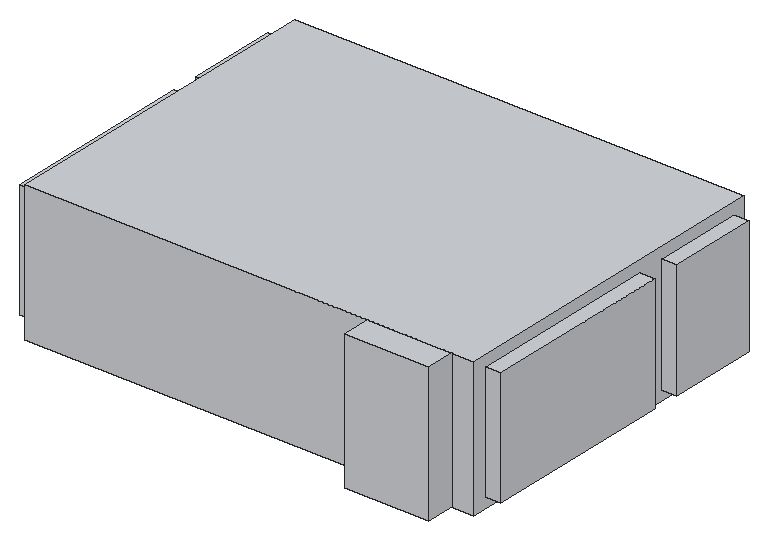
Revit family "BVN_BDKF", category Mechanical Equipment, Revit 2019
Family settings
  Round Connector Dimension = Use Diameter
  Part Type = Breaks Into
  OmniClass Number = 23.75.00.00
  OmniClass Title = Climate Control (HVAC)
  Work Plane-Based = No
  Always vertical = Yes
  Cut with Voids When Loaded = No
  Shared = No
  Room Calculation Point = No
Parameters (values of type "BGK 500")
  Weight = 230.00 kg
  Voltage of Electrica Heater = 380 V
  Voltage = 230 V
  URL = "http://www.bahcivanmotor.com.tr/index.php"
  Speed ( d/d ) = 1250
  Sound Pressure Level dB(A) = 57
  Protection Class = 44
  Power x2 = 1550 W
  Model = "BGK"
  Material = none
  Manufacturer = "Bahçıvan Elektrik Motor San. ve Tic. Ltd. Şti."
  Insulation Class = "F"
  H = 375 mm
  G = (B - E - F) / 4  # 61.25 mm
  Frequency = 50 Hz
  Electrical Heater = 13000 W
  E = 400 mm
  F = 855 mm
  Description = "IGK"
  D = 520 mm
  Capacitor = 25
  C = 615 mm
  B = 1500 mm
  Air Flow = 5000.0 m³/h
  Current x2 = 7.3 A
  A = 2000 mm
Types (6, lengths in mm): name | Weight | Speed ( d/d ) | Sound Pressure Level dB(A) | Power x2 | Electrical Heater | E | F | D | Capacitor | C | B | Air Flow | Current x2 | A
  BGK 75 | 80.00 kg | 1440 | 46 | 140 W | 3000 W | 200 | 455 | 220 | 6 | 315 | 900 | 750.0 m³/h | 0.86 A | 1100
  BGK 100 | 113.00 kg | 1420 | 46 | 200 W | 3000 W | 300 | 455 | 270 | 8 | 365 | 1000 | 1000.0 m³/h | 1 A | 1200
  BGK 200 | 150.00 kg | 1430 | 48 | 310 W | 5000 W | 400 | 555 | 320 | 10 | 415 | 1200 | 2000.0 m³/h | 1.55 A | 1500
  BGK 300 | 180.00 kg | 1435 | 49 | 500 W | 8000 W | 400 | 555 | 380 | 10 | 475 | 1200 | 3000.0 m³/h | 2.5 A | 1700
  BGK 400 | 200.00 kg | 1280 | 54 | 780 W | 10000 W | 400 | 655 | 420 | 16 | 515 | 1300 | 4000.0 m³/h | 3.5 A | 1800
  BGK 500 | 230.00 kg | 1250 | 57 | 1550 W | 13000 W | 400 | 855 | 520 | 25 | 615 | 1500 | 5000.0 m³/h | 7.3 A | 2000
Reference planes
  plane 1 "Center (Front/Back)": y = 0
  plane 2: z = 0
  plane 3 "Center (Left/Right)": x = 0
  plane 4: z = 615
  plane 5: x = -1000
  plane 6: x = 1000
  plane 7: y = 750
  plane 8: y = -750
  plane 9: z = 307.5
  plane 10: z = 567.5
  plane 11: z = 47.5
  plane 12: y = 688.75
  plane 13: y = 288.75
  plane 14: y = -688.75
  plane 15: y = 166.25
  plane 16: y = 227.5
  plane 17: x = 1068
  plane 18: x = -1068
  plane 19: x = 900
  plane 20: x = 525
  plane 21: y = -875
Forms (mm)
  Extrusion 1, solid
    sketch origin (0, 0, 0) x (1, 0, 0) y (0, 1, 0)
      loop
        line (-1000, 750) -> (-1000, -750) -> (1000, -750) -> (1000, 750) -> (-1000, 750)
    from 0 to 615
  Extrusion 2, solid
    sketch origin (550, 240.046, 0) x (0, -1, 0) y (0, 0, -1)
      loop
        line (928.796, -567.5) -> (928.796, -47.5) -> (73.796, -47.5) -> (73.796, -567.5) -> (928.796, -567.5)
      loop
        line (-48.704, -567.5) -> (-48.704, -47.5) -> (-448.704, -47.5) -> (-448.704, -567.5) -> (-48.704, -567.5)
    from 0 to 518
  Extrusion 3, solid
    sketch origin (0, 0, 0) x (0, 1, 0) y (0, 0, 1)
      loop
        line (688.75, 567.5) -> (288.75, 567.5) -> (288.75, 47.5) -> (688.75, 47.5) -> (688.75, 567.5)
      loop
        line (166.25, 567.5) -> (-688.75, 567.5) -> (-688.75, 47.5) -> (166.25, 47.5) -> (166.25, 567.5)
    from -1068 to -1000
  Extrusion 4, solid
    sketch origin (1061.879, -750, 7.514) x (-1, 0, 0) y (0, 0, -1)
      loop
        line (536.879, -607.486) -> (536.879, 7.514) -> (161.879, 7.514) -> (161.879, -607.486) -> (536.879, -607.486)
    from 0 to 125
Dimensions and locks
  equal spacing: plane 5, plane 3 "Center (Left/Right)", plane 6
  equal spacing: plane 7, plane 1 "Center (Front/Back)", plane 8
  "B": plane 7 to plane 8
  "A": plane 5 to plane 6
  "C": plane 4 to plane 2
  equal spacing: plane 4, plane 9, level
  equal spacing: plane 10, plane 9, plane 11
  "D": plane 10 to plane 11
  "G": plane 8 to plane 14
  "G": plane 12 to plane 7
  "E": plane 13 to plane 12
  "F": plane 14 to plane 15
  equal spacing: plane 15, plane 16, plane 13
  plane 15 to plane 16 = 61.25 mm
  locked: plane 6 to plane 17 at 68
  plane 18 to plane 5 = 68 mm
  "H": plane 19 to plane 20
  locked: plane 6 to plane 19 at 100
  locked: plane 8 to plane 21 at 125
  plane 10 to plane 11 = 520 mm
  aligned and locked: level to plane 2
  aligned and locked: Extrusion 1 sketch curve to plane 7
  aligned and locked: Extrusion 1 sketch curve to plane 6
  aligned and locked: Extrusion 1 sketch curve to plane 8
  aligned and locked: plane 5 to Extrusion 1 sketch curve
  aligned and locked: Extrusion 1 to level
  aligned and locked: Extrusion 1 to plane 4
  aligned and locked: plane 10 to Extrusion 2  (x2)
  aligned and locked: Extrusion 2 to plane 11
  aligned and locked: Extrusion 2 to plane 14
  aligned and locked: Extrusion 2 to plane 12
  aligned and locked: Extrusion 2 to plane 13
  aligned and locked: Extrusion 2 to plane 15
  aligned and locked: Extrusion 2 to plane 17
  aligned and locked: plane 10 to Extrusion 3  (x2)
  aligned and locked: Extrusion 3 to plane 11  (x2)
  aligned and locked: Extrusion 3 to Extrusion 1
  aligned and locked: plane 18 to Extrusion 3
  aligned and locked: Extrusion 3 to plane 13
  aligned and locked: Extrusion 3 to plane 15
  aligned and locked: plane 19 to Extrusion 4
  aligned and locked: Extrusion 4 to plane 20
  aligned and locked: Extrusion 4 to plane 4
  aligned and locked: Extrusion 4 to level
  aligned and locked: plane 21 to Extrusion 4
Automatic sketch dimensions
  Extrusion 2 sketch curve to Extrusion 2 sketch curve = 400 mm
  Extrusion 2 sketch curve to Extrusion 2 sketch curve = 122.5 mm
  Extrusion 2 sketch curve to plane 10 = 0 mm  (x2)
  Extrusion 2 sketch curve to plane 12 = 0 mm
  Extrusion 2 sketch curve to plane 11 = 0 mm  (x2)
  Extrusion 2 sketch curve to plane 14 = 0 mm
  plane 14 to Extrusion 3 sketch curve = 0 mm
  Extrusion 3 sketch curve to plane 1 "Center (Front/Back)" = 166.25 mm
  Extrusion 3 sketch curve to plane 12 = 0 mm
  plane 11 to Extrusion 3 sketch curve = 0 mm  (x2)
  Extrusion 3 sketch curve to plane 10 = 0 mm  (x2)
  Extrusion 3 sketch curve to plane 1 "Center (Front/Back)" = 288.75 mm
  Extrusion 1 to Extrusion 4 sketch curve = 0 mm
  Extrusion 4 sketch curve to Extrusion 1 = 100 mm
  Extrusion 4 sketch curve to Extrusion 4 sketch curve = 375 mm
  Extrusion 4 sketch curve to Extrusion 4 sketch curve = 615 mm
Connectors
  hvac at (1068, -261.25, 307.5), driven by "D", driven by "F", driven by "Air Flow"
    settings: on Extrusion 2, index 1, duct flow 5000.0 m³/h, flow factor 0, pres drop 0.0 Pa, loss coef 0, conn angle 0.00°, conn width 855 mm, conn height 520 mm, conn diameter 609.6 mm, duct sys type 1, conn prof type 1, flow config 0, flow direction 1, loss method 0, conn ref index -1, conn util no, is conn primary yes, conn desc ""
  hvac at (1068, 488.75, 307.5), driven by "D", driven by "E", driven by "Air Flow"
    settings: on Extrusion 2, index 2, duct flow 5000.0 m³/h, flow factor 0, pres drop 0.0 Pa, loss coef 0, conn angle 0.00°, conn width 400 mm, conn height 520 mm, conn diameter 609.6 mm, duct sys type 2, conn prof type 1, flow config 0, flow direction 2, loss method 0, conn ref index -1, conn util no, is conn primary no, conn desc ""
  hvac at (-1068, 488.75, 307.5), driven by "D", driven by "E", driven by "Air Flow"
    settings: on Extrusion 3, index 3, duct flow 5000.0 m³/h, flow factor 0, pres drop 0.0 Pa, loss coef 0, conn angle 0.00°, conn width 400 mm, conn height 520 mm, conn diameter 609.6 mm, duct sys type 1, conn prof type 1, flow config 0, flow direction 2, loss method 0, conn ref index -1, conn util no, is conn primary no, conn desc ""
  hvac at (-1068, -261.25, 307.5), driven by "D", driven by "F", driven by "Air Flow"
    settings: on Extrusion 3, index 4, duct flow 5000.0 m³/h, flow factor 0, pres drop 0.0 Pa, loss coef 0, conn angle 0.00°, conn width 855 mm, conn height 520 mm, conn diameter 609.6 mm, duct sys type 2, conn prof type 1, flow config 0, flow direction 1, loss method 0, conn ref index -1, conn util no, is conn primary no, conn desc ""
